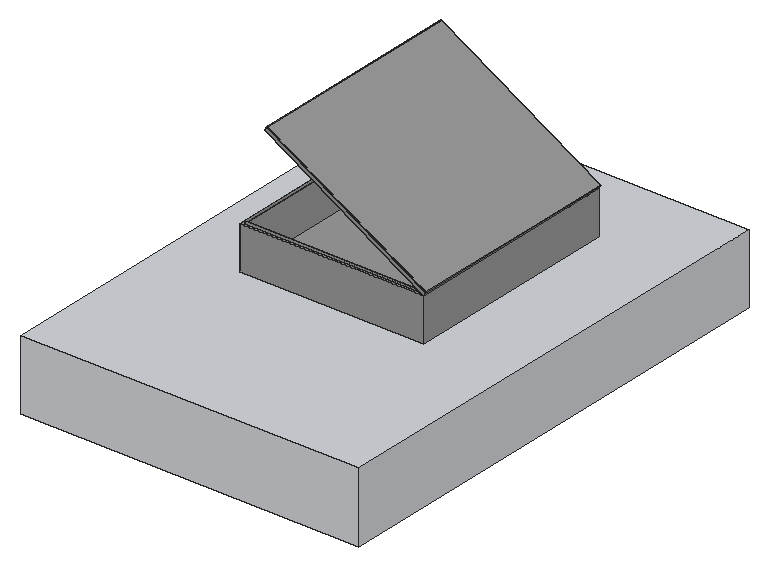
Revit family "Hager-Univers-IP54-D205-H950-Cl.II-Encl-CH-en", category Equipement électrique, Revit 2020
Family settings
  Hôte = Face
  Configuration du panneau = Deux colonnes, circuits au sein
  Cote de connecteur circulaire = Utiliser le diamètre
  Type d'élément = Tableau de raccordement
  Couper avec des vides une fois chargée = Non
  Partagée = Non
  Point de calcul de pièce = Non
Parameters (values of type "Surface mounted (plaster) IP54 W800 H950 D205  - FP63QSW")
  Width Control [instance] = if([EF000008 - Width] > Min Width, [EF000008 - Width], Min Width)  # 800 mm
  Commentaires du type = [HG000003 - Range]  # "Univers"
  Thickness Door [instance] = if([EF009171 - Material plate thickness door/cover] > 3 mm, 3 mm, [EF009171 - Material plate thickness door/cover])  # 1 mm
  Seal Frame Offset [instance] = 17 mm  # constant formula
  Plinth Visibility [instance] = [HG000027 - Plinth height] > 0 mm  # no
  Model = ""
  Min Width [instance] = 100 mm  # constant formula
  Min Height [instance] = 100 mm  # constant formula
  Min Depth [instance] = (2 * [EF009170 - Material plate thickness cabinet]) + 1 mm  # 3 mm
  Internal Frame Depth [instance] = (Door System Depth * 0.5)  # 9 mm
  Height Control [instance] = if([EF000040 - Height] > Min Height, [EF000040 - Height], Min Height)  # 950 mm
  HG000027 - Plinth height = 0 mm
  HG000026 - Floor standing = no
  HG000024 - Bottom section height = 800 mm
  HG000023 - Double section enclosure = no
  HG000016 - Door 3d visibility [instance] = yes
  HG000015 - Clearance visibility [instance] = no
  HG000014 - Door on the right [instance] = yes
  HG000013 - Door on the left [instance] = not([HG000014 - Door on the right])  # no
  HG000012 - Door swing angle [instance] = 30.00°
  HG000010 - Asymmetric doors = no
  HG000009 - Double swing door = no
  HG000006 - Flush mounted = no
  HG000004 - Manufacturer reference = "FP63QSW"
  HG000003 - Range = "Univers"
  HG000002 - With door or cover = yes
  Frame Offset Bottom [instance] = 10 mm  # constant formula
  Frame Offset [instance] = 15 mm  # constant formula
  EF015940 - Cover with overpressure release = no
  EF011959 - Degree of protection (NEMA) = ""
  EF009554 - Number of openings for flange plates = 6
  EF009212 - Cover model = "EV000116 - Closed"
  EF009171 - Material plate thickness door/cover = 1 mm
  EF009170 - Material plate thickness cabinet = 1 mm
  Fabricant = "Hager"  # constant formula
  EF008873 - Nominal current (In) = 250 A
  EF007800 - Suitable for lightning protection = no
  EF006306 - With lock = no
  EF006244 - Transparent cover/door = no
  EF005474 - Degree of protection (IP) = "EV006419 - IP54"
  EF004464 - Type of door = "EV002646 - Single"
  EF004427 - Number of modules = 216
  EF004293 - Impact strength = "EV006815 - IK09"
  EF003532 - Suitable for outdoor use = no
  EF002950 - Width in number of modular spacings = 36
  EF001613 - Circuit integrity = "EV000494 - None"
  EF001596 - Material housing = "EV000179 - Steel"
  EF001131 - Internal depth = 143 mm
  EF001088 - Extension possible = yes
  EF000437 - Number of conduit inlets = 6
  EF000339 - Type of cover = "EV001012 - Cover"
  EF000266 - Number of rows = 6
  EF000218 - Built-in depth = 0 mm
  EF000118 - With mounting plate = no
  EF000116 - RAL-number = "9010"
  EF000049 - Depth = 205 mm
  EF000040 - Height = 950 mm
  EF000008 - Width = 800 mm
  EF000007 - Colour = "EV000202 - White"
  EF000003 - Mounting method = "EV000384 - Surface mounted (plaster)"
  Door System Leaf Tolerance [instance] = 1.5 mm  # constant formula
  Door System Depth [instance] = 18 mm  # constant formula
  Door Height [instance] = Height Control - [HG000027 - Plinth height]  # 950 mm
  Depth Control [instance] = if([EF000049 - Depth] > Min Depth, [EF000049 - Depth], Min Depth)  # 205 mm
  Default Elevation = 0 mm
  Connector Offset [instance] = Height Control / 2  # 475 mm
  Bottom Top Plate Trim [instance] = 1.5 mm  # constant formula
  Plinth height Ctrl [instance] = if([HG000027 - Plinth height] > 0 mm, [HG000027 - Plinth height], 12 mm)  # 12 mm
Types (5, lengths in mm): name | Width Control | HG000010 - Asymmetric doors | HG000009 - Double swing door | HG000004 - Manufacturer reference | EF009554 - Number of openings for flange plates | EF004464 - Type of door | EF004427 - Number of modules | EF002950 - Width in number of modular spacings | EF001131 - Internal depth | EF000437 - Number of conduit inlets | EF000339 - Type of cover | EF000008 - Width
  Surface mounted (plaster) IP54 W1050 H950 D205  - FP64QSW | 1050 | no | no | "FP64QSW" | 8 | "EV003602 - Double" | 288 | 48 | 143 | 8 | "EV001012 - Cover" | 1050
  Surface mounted (plaster) IP54 W1300 H950 D205  - FP65QSW | 1300 | yes | yes | "FP65QSW" | 10 | "EV003602 - Double" | 360 | 60 | 130 | 10 | "EV004216 - Door" | 1300
  Surface mounted (plaster) IP54 W300 H950 D205  - FP61QSW | 300 | no | no | "FP61QSW" | 2 | "EV002646 - Single" | 72 | 12 | 130 | 2 | "EV004216 - Door" | 300
  Surface mounted (plaster) IP54 W550 H950 D205  - FP62QSW | 550 | no | no | "FP62QSW" | 4 | "EV002646 - Single" | 144 | 24 | 130 | 4 | "EV001012 - Cover" | 550
  Surface mounted (plaster) IP54 W800 H950 D205  - FP63QSW | 800 | no | no | "FP63QSW" | 6 | "EV002646 - Single" | 216 | 36 | 143 | 6 | "EV001012 - Cover" | 800
Reference planes
  plane 1 "Center (Front/Back)": y = 0
  plane 2: z = 0
  plane 3 "Center (Left/Right)": x = 0
  plane 4: z = 205
  plane 5: y = 1
  plane 6: y = 475
  plane 7: y = 0
  plane 8: y = 950
  plane 9: z = 0
  plane 10: x = -385
  plane 11: x = 385
  plane 12: x = 384
  plane 13: x = -384
  plane 14: y = 949
  plane 15: x = -383
  plane 16: x = -400
  plane 17: x = 383
  plane 18: x = 400
  plane 19: x = 399
  plane 20: x = -399
  plane 21: y = 11
  plane 22: y = 950
  plane 23: y = 934
  plane 24: z = 187
  plane 25: z = 1
  plane 26: z = 186
  plane 27: z = 204
Forms (mm)
  Extrusion 1, solid
    sketch origin (0, 0, 0) x (1, 0, 0) y (0, 1, 0)
      loop
        line (-702.964, 1305) -> (-702.964, -811.445) -> (766.763, -811.445) -> (766.763, 1305) -> (-702.964, 1305)
    from 0 to -304.8
  Extrusion 2, solid, material "Hager_Steel_RAL7035_Light_Grey", visible <- "Plinth Visibility", detail levels medium+fine
    sketch origin (0, 0, 0) x (1, 0, 0) y (0, 1, 0)
      loop
        line (-400, 0) -> (400, 0) -> (400, 12) -> (-400, 12) -> (-400, 0)
    from 0 to 187
  Extrusion 3, solid, material "Hager_Steel_RAL7035_Light_Grey", detail levels medium+fine
    sketch origin (0, 0, 0) x (1, 0, 0) y (0, 1, 0)
      loop
        line (-400, 0) -> (400, 0) -> (400, 950) -> (-400, 950) -> (-400, 0)
    from 0 to 187
  Extrusion 4, void
    sketch origin (0, 0, 0) x (1, 0, 0) y (0, 1, 0)
      loop
        line (-399, 1) -> (399, 1) -> (399, 949) -> (-399, 949) -> (-399, 1)
    from 1 to 186
  Extrusion 5, void
    sketch origin (-381.607, -4572, 187) x (0, -1, 0) y (-1, 0, 0)
      loop
        line (-4583, 2.393) -> (-5506, 2.393) -> (-5506, -765.607) -> (-4583, -765.607) -> (-4583, 2.393)
    from 0 to 1 <- "EF009170 - Material plate thickness cabinet"
  Extrusion 6, solid, material "Hager_Steel_RAL7035_Light_Grey", detail levels fine
    sketch origin (0, 0, 187) x (1, 0, 0) y (0, 1, 0)
      loop
        line (-384, 934) -> (-384, 11) -> (384, 11) -> (384, 934) -> (-384, 934)
      loop
        line (-385, 10) -> (385, 10) -> (385, 935) -> (-385, 935) -> (-385, 10)
    from 0 to 9 <- "Internal Frame Depth"
  Extrusion 7, solid, material "Hager_Steel_RAL7035_Light_Grey", detail levels coarse
    sketch origin (0, 0, 0) x (1, 0, 0) y (0, 1, 0)
      loop
        line (-400, 0) -> (400, 0) -> (400, 950) -> (-400, 950) -> (-400, 0)
    from 0 to 205
  Sweep 8, void
    path in 3D
      loop
        line (-400, 12, 0) -> (400, 12, 0) -> (400, 12, 187) -> (-400, 12, 187) -> (-400, 12, 0)
    profile origin (-400, 12, 93.5) x (-1, 0, 0) y (0, -1, 0)
      loop
        line (0, 0) -> (0, 1.5) -> (-1.5, 1.5)
        arc (-1.5, 1.5) -> (-1.061, 0.439) -> (0, 0) r 1.5
Cuts and joins
  Extrusion 4, Extrusion 5 cuts Extrusion 3
  Sweep 8 cuts Extrusion 2
Lines and regions (mm)
  Masking region 1
    outline origin (0, 0, 0) x (1, 0, 0) y (0, 0, 1)
      loop
        line (-400, 205) -> (-400, 0) -> (400, 0) -> (400, 205) -> (-400, 205)
  Masking region 2, detail levels medium+fine
    outline origin (0, 140, 0) x (0, 1, 0) y (0, 0, 1)
      loop
        line (-140, 0) -> (810, 0) -> (810, 187) -> (-140, 187) -> (-140, 0)
  Masking region 3, not visible, detail levels medium+fine
    outline origin (0, 297.922, 0) x (0, 1, 0) y (0, 0, 1)
      loop
        line (188.578, 0) -> (228.578, 0) -> (228.578, 194)
        arc (228.578, 194) -> (225.649, 201.071) -> (218.578, 204) r 10
        line (218.578, 204) -> (188.578, 204) -> (188.578, 0)
  Masking region 4, detail levels coarse
    outline origin (0, 0, 180) x (0, 1, 0) y (0, 0, 1)
      loop
        line (0, -180) -> (950, -180) -> (950, 25) -> (0, 25) -> (0, -180)
  Masking region 5, visible <- "Plinth Visibility", detail levels medium+fine
    outline origin (0, 52.24, 12.345) x (0, 0, -1) y (0, 1, 0)
      loop
        line (10.845, -40.24) -> (-173.155, -40.24)
        arc (-173.155, -40.24) -> (-173.594, -41.301) -> (-174.655, -41.74) r 1.5
        line (-174.655, -41.74) -> (-174.655, -52.24) -> (12.345, -52.24) -> (12.345, -41.74)
        arc (12.345, -41.74) -> (11.285, -41.301) -> (10.845, -40.24) r 1.5
  Masking region 6, detail levels medium+fine
    outline origin (-381.607, -4572, 187) x (-1, 0, 0) y (0, -1, 0)
      loop
        line (18.393, -5522) -> (18.393, -4572) -> (-781.607, -4572) -> (-781.607, -5522) -> (18.393, -5522)
  Masking region 7, visible <- "Plinth Visibility", detail levels medium+fine
    outline origin (-381.607, -4727, 187) x (-1, 0, 0) y (0, -1, 0)
      loop
        arc (16.893, -4739) -> (17.332, -4737.939) -> (18.393, -4737.5) r 1.5
        line (18.393, -4737.5) -> (18.393, -4727) -> (-781.607, -4727) -> (-781.607, -4737.5)
        arc (-781.607, -4737.5) -> (-780.546, -4737.939) -> (-780.107, -4739) r 1.5
        line (-780.107, -4739) -> (16.893, -4739)
  Masking region 8, detail levels coarse
    outline origin (-442.548, -4669.526, 187) x (-1, 0, 0) y (0, -1, 0)
      loop
        line (-42.548, -5619.526) -> (-42.548, -4669.526) -> (-842.548, -4669.526) -> (-842.548, -5619.526) -> (-42.548, -5619.526)
  sketch lines
    curve 1: line (-400, 12, 187) -> (-400, 12, 0)
    curve 2: line (400, 12, 187) -> (-400, 12, 187)
    curve 3: line (400, 12, 187) -> (400, 12, 0)
    curve 4: line (-400, 12, 0) -> (400, 12, 0)
Dimensions and locks
  "Depth Control": plane 4 to Extrusion 1
  "HG000027 - Plinth height": plane 1 "Center (Front/Back)" to plane 7
  "EF009170 - Material plate thickness cabinet": plane 5 to plane 7
  locked: connector elem to plane 3 "Center (Left/Right)"
  equal spacing: plane 8, plane 6, plane 7
  locked: connector elem to plane 6
  "EF009170 - Material plate thickness cabinet": plane 8 to plane 14
  "EF009170 - Material plate thickness cabinet": plane 10 to plane 13
  "EF009170 - Material plate thickness cabinet": plane 12 to plane 11
  "Frame Offset": plane 20 to plane 13
  "Frame Offset": plane 12 to plane 19
  "EF009170 - Material plate thickness cabinet": plane 16 to plane 20
  "EF009170 - Material plate thickness cabinet": plane 19 to plane 18
  "Seal Frame Offset": plane 16 to plane 15
  "Seal Frame Offset": plane 17 to plane 18
  "Frame Offset Bottom": plane 21 to plane 5
  "Frame Offset": plane 14 to plane 23
  equal spacing: plane 16, plane 3 "Center (Left/Right)", plane 18
  "Width Control": plane 16 to plane 18
  "EF009170 - Material plate thickness cabinet": plane 4 to plane 27
  "EF009170 - Material plate thickness cabinet": plane 24 to plane 26
  "EF009170 - Material plate thickness cabinet": plane 25 to level
  "Door System Depth": plane 4 to plane 24
  "Height Control": plane 1 "Center (Front/Back)" to Extrusion 7 sketch curve
  "Height Control": Masking region 4 sketch curve to plane 1 "Center (Front/Back)"
  "Height Control": plane 1 "Center (Front/Back)" to plane 22
  "Bottom Top Plate Trim": profile plane to Sweep 8 sketch curve
  "Bottom Top Plate Trim": Sweep 8 sketch curve to profile plane
  "Plinth height Ctrl": plane 1 "Center (Front/Back)" to Extrusion 2 sketch curve
  "Plinth height Ctrl": Masking region 5 sketch curve to plane 1 "Center (Front/Back)"
  "Plinth height Ctrl": plane 1 "Center (Front/Back)" to Masking region 7 sketch curve
  "Thickness Door": Extrusion 6 sketch curve to Extrusion 6 sketch curve  (x3)
  "Thickness Door": cut or joined group of Extrusion 3, Extrusion 4, Extrusion 5 to Extrusion 6 sketch curve
  radius of Masking region 3 sketch curve = 10 mm
  "Bottom Top Plate Trim": radius of Masking region 5 sketch curve  (x2)
  "Bottom Top Plate Trim": radius of Sweep 8 sketch curve
  "Bottom Top Plate Trim": radius of Masking region 7 sketch curve  (x2)
  aligned and locked: plane 2 to Extrusion 1
  aligned and locked: level to Extrusion 1
  aligned and locked: level to Masking region 1 sketch curve
  aligned and locked: Masking region 1 sketch curve to plane 18
  aligned and locked: Masking region 1 sketch curve to plane 16
  aligned and locked: plane 7 to Masking region 2 sketch curve
  aligned and locked: level to Masking region 3 sketch curve
  aligned and locked: Masking region 3 sketch curve to plane 27
  aligned and locked: level to Masking region 2 sketch curve
  aligned and locked: plane 1 "Center (Front/Back)" to Extrusion 2 sketch curve
  aligned and locked: Extrusion 3 sketch curve to plane 7
  aligned and locked: plane 16 to Extrusion 3 sketch curve
  aligned and locked: plane 18 to Extrusion 3 sketch curve
  aligned and locked: plane 20 to Extrusion 4 sketch curve
  aligned and locked: plane 19 to Extrusion 4 sketch curve
  aligned and locked: Extrusion 4 sketch curve to plane 5
  aligned and locked: Extrusion 4 to plane 25
  aligned and locked: plane 26 to Extrusion 4
  aligned and locked: plane 24 to Extrusion 3
  aligned and locked: Extrusion 5 sketch curve to plane 21
  aligned and locked: Extrusion 5 sketch curve to plane 13
  aligned and locked: Extrusion 5 sketch curve to plane 12
  aligned and locked: plane 18 to Extrusion 7 sketch curve
  aligned and locked: plane 1 "Center (Front/Back)" to Extrusion 7 sketch curve
  aligned and locked: plane 16 to Extrusion 7 sketch curve
  aligned and locked: plane 4 to Extrusion 7
  aligned and locked: Extrusion 7 to level
  aligned and locked: level to Masking region 4 sketch curve
  aligned and locked: Masking region 4 sketch curve to plane 1 "Center (Front/Back)"
  aligned and locked: Masking region 4 sketch curve to plane 4
  aligned and locked: nested 1 to level
  aligned and locked: nested 1 to plane 16
  aligned and locked: plane 8 to Extrusion 3 sketch curve
  aligned and locked: plane 23 to Extrusion 5 sketch curve
  aligned and locked: plane 14 to Extrusion 4 sketch curve
  aligned and locked: Masking region 2 sketch curve to plane 8
  aligned and locked: level to Masking region 5 sketch curve
  aligned and locked: plane 16 to Extrusion 2 sketch curve
  aligned and locked: plane 18 to Extrusion 2 sketch curve
  aligned and locked: Masking region 5 sketch curve to plane 24
  aligned and locked: Masking region 2 sketch curve to plane 24
  aligned and locked: plane 24 to Extrusion 2
  aligned and locked: profile plane to Sweep 8 sketch curve  (x2)
  aligned and locked: Masking region 6 sketch curve to plane 18
  aligned and locked: Masking region 6 sketch curve to plane 22
  aligned and locked: Masking region 6 sketch curve to plane 16
  aligned and locked: plane 8 to plane 22
  aligned and locked: Masking region 6 sketch curve to plane 7
  aligned and locked: Masking region 7 sketch curve to plane 16
  aligned and locked: Masking region 7 sketch curve to plane 1 "Center (Front/Back)"
  aligned and locked: Masking region 7 sketch curve to plane 18
  aligned and locked: Masking region 8 sketch curve to plane 1 "Center (Front/Back)"
  aligned and locked: Masking region 8 sketch curve to plane 18
  aligned and locked: Masking region 8 sketch curve to plane 22
  aligned and locked: Masking region 8 sketch curve to plane 16
  aligned and locked: nested 2 to plane 7
  aligned and locked: plane 3 "Center (Left/Right)" to nested 2
  aligned and locked: nested 2 to plane 24
  aligned and locked: Extrusion 6 sketch curve to cut or joined group of Extrusion 3, Extrusion 4, Extrusion 5  (x4)
Automatic sketch dimensions
  Extrusion 1 sketch curve to Extrusion 1 sketch curve = 1469.727 mm
  Extrusion 1 sketch curve to Extrusion 1 sketch curve = 2116.445 mm
  Masking region 1 sketch curve to plane 4 = 0 mm
  plane 6 to Masking region 3 sketch curve = 11.5 mm
  Masking region 3 sketch curve to Masking region 3 sketch curve = 30 mm
  Masking region 5 sketch curve to plane 1 "Center (Front/Back)" = 0 mm
Nested families
  nested 1: "Hager_Enclosure_Symbol" at (-400, 0, 0) x (1, 0, 0) z (0, -1, 0), Height <- "Depth Control", Width <- "Width Control", type "Hager_Enclosure_Symbol"
    with Width_Ctrl 800 mm, Width 800 mm, Height_Ctrl 205 mm, Height 205 mm, A_Width_Int 13.453 mm, A_Width 161.438 mm, A_Height_Ctrl 179.375 mm, A_Height 179.375 mm
  nested 2: "EC000058_Univers_Door" at (0, 0, 187) x (1, 0, 0) z (0, 1, 0), Leaf_Tolerance <- "Door System Leaf Tolerance", Angle <- "HG000012 - Door swing angle", Door_Depth <- "Door System Depth", Door_Left <- "HG000013 - Door on the left", Transparent <- "EF006244 - Transparent cover/door", Assymetrical <- "HG000010 - Asymmetric doors", Width <- "Width Control", Clearance <- "HG000015 - Clearance visibility", Double <- "HG000009 - Double swing door", 3d_Door <- "HG000016 - Door 3d visibility", Lock_Visibility <- "EF006306 - With lock", Width_Ctrl <- "Width Control", Door_Right <- "HG000014 - Door on the right", Door <- "HG000002 - With door or cover", Height <- "Door Height", Thickness <- "Thickness Door", type "EC000058_Univers_Door", detail levels medium+fine
    with min_wh 3 mm, Width_Ctrl 800 mm, Width 800 mm, Transparent no, Thickness 1 mm, Seal_Material Hager_Rubber, Lock_Visibility no, Lock_Material Hager_Plastic_RAL9005_Jet_Black, Leaf_Width 800 mm, Leaf_Tolerance_External_Sides 0 mm, Leaf_Tolerance 1.5 mm, Leaf_Offset 0 mm, Leaf_Height 947 mm, Leaf_2_Width 800 mm, Leaf_2_Offset 400 mm, Leaf_1_Width 800 mm, Leaf_1_Offset 400 mm, Height_Ctrl 950 mm, Height 950 mm, Glass_Material Hager_Glass, Double_Clearance_Ctrl no, Double no, Door_Right_Ctrl yes, Door_Right yes, Door_Material Hager_Steel_RAL7035_Light_Grey, Door_Left_Ctrl no, Door_Left no, Door_Depth 18 mm, Door yes, Clearance_Material Hager_Clearance, Clearance_Depth 800 mm, Clearance_Ctrl no, Clearance no, Assymetrical no, Angle 30.00°, 3d_Door yes
Connectors
  electrical at (0, 475, 0)
    settings: on plane 9, index 1, voltage 0 V, apparent load 0 VA, apparent load phase1 0 VA, apparent load phase2 0 VA, apparent load phase3 0 VA, power factor 1, load classification "Other", number of poles 1, system type 30, power factor state 1, is connector primary yes, connector utility no, sub classification motor no, connector description ""
Definition of nested family "EC000058_Univers_Door"
  Parameters (values of type "EC000058_Univers_Door")
    min_wh [instance] = (2 * Thickness) + 1 mm  # 11 mm
    Width_Ctrl [instance] = 400 mm
    Width [instance] = 500 mm
    Transparent [instance] = yes
    Thickness [instance] = 5 mm
    Seal_Material [instance] = none
    Lock_Visibility [instance] = yes
    Lock_Material [instance] = none
    Leaf_Width [instance] = if((Width_Ctrl - 2 * Leaf_Tolerance_External_Sides) > 0 mm, (Width_Ctrl - 2 * Leaf_Tolerance_External_Sides), min_wh)  # 400 mm
    Leaf_Tolerance_External_Sides [instance] = 0 mm  # constant formula
    Leaf_Tolerance [instance] = 1.5 mm
    Leaf_Offset [instance] = 0 mm  # constant formula
    Leaf_Height [instance] = if((Height_Ctrl - 2 * Leaf_Tolerance) > 0 mm, (Height_Ctrl - 2 * Leaf_Tolerance), min_wh)  # 497 mm
    Leaf_2_Width [instance] = if(and(and(Double, Assymetrical), Door_Left), (Leaf_Width / 3) - (Leaf_Tolerance / 2), if(and(and(Double, Assymetrical), Door_Right), (Leaf_Width / 3) * 2 - (Leaf_Tolerance / 2), if(and(Double, not(Assymetrical)), (Leaf_Width / 2) - Leaf_Tolerance, Leaf_Width)))  # 400 mm
    Leaf_2_Offset [instance] = if(and(Double, Assymetrical), Leaf_2_Width / 2, if(and(Double, not(Assymetrical)), Leaf_Width / 4, Leaf_Width / 2))  # 200 mm
    Leaf_1_Width [instance] = if(and(and(Double, Assymetrical), Door_Right), (Leaf_Width / 3) - (Leaf_Tolerance / 2), if(and(and(Double, Assymetrical), Door_Left), (Width / 3) * 2 - (Leaf_Tolerance / 2), if(and(Double, not(Assymetrical)), (Leaf_Width / 2) - Leaf_Tolerance, Leaf_Width)))  # 400 mm
    Leaf_1_Offset [instance] = if(and(Double, Assymetrical), Leaf_1_Width / 2, if(and(Double, not(Assymetrical)), Leaf_Width / 4, Leaf_Width / 2))  # 200 mm
    Height_Ctrl [instance] = if(Height > min_wh, Height, min_wh)  # 500 mm
    Height [instance] = 500 mm
    Glass_Material [instance] = none
    Double_Clearance_Ctrl [instance] = and(Double, Clearance)  # no
    Double [instance] = no
    Door_Right_Ctrl [instance] = and(or(Door_Right, Double), Door)  # yes
    Door_Right [instance] = yes
    Door_Material [instance] = none
    Door_Left_Ctrl [instance] = and(or(Door_Left, Double), Door)  # no
    Door_Left [instance] = no
    Door_Depth [instance] = 30 mm
    Door [instance] = yes
    Default Elevation = 1219.2 mm
    Clearance_Material [instance] = none
    Clearance_Depth [instance] = if(Leaf_1_Width > Leaf_2_Width, Leaf_1_Width, Leaf_2_Width)  # 400 mm
    Clearance_Ctrl [instance] = and(not(Double), Clearance)  # yes
    Clearance [instance] = yes
    Assymetrical [instance] = yes
    Angle [instance] = 30.00°
    3d_Door [instance] = yes
  Reference planes
    plane 1 "Center (Front/Back)": y = 0
    plane 2 "Bottom": z = 0
    plane 3 "Center (Left/Right)": x = 0
    plane 4: z = 500
    plane 5: x = -200
    plane 6: x = 200
    plane 7: z = 500
    plane 8: x = -200
    plane 9: z = 0
    plane 10: x = 200
    plane 11: y = 0
    plane 12: z = 1.5
    plane 13: x = -600
    plane 14: y = -400
    plane 15: x = 600
    plane 16: x = 0
    plane 17: x = 0
    plane 18: x = -200
    plane 19: x = 200
    plane 20: z = 498.5
  Forms (mm)
    Extrusion 1, solid, material <- "Clearance_Material", visible <- "Double_Clearance_Ctrl"
      sketch origin (1200, 0, 0) x (1, 0, 0) y (0, 0, -1)
        loop
          line (-1800, -498.5) -> (-600, -498.5) -> (-600, 0) -> (-1800, 0) -> (-1800, -498.5)
      from 0 to -400
  Dimensions and locks
    equal spacing: plane 5, plane 3 "Center (Left/Right)", plane 6
    "Width_Ctrl": plane 5 to plane 6
    "Leaf_Offset": plane 5 to plane 8
    "Leaf_Offset": plane 6 to plane 10
    "Leaf_Offset": plane 9 to level
    "Leaf_Offset": plane 4 to plane 7
    "Height_Ctrl": plane 4 to level
    "Leaf_Tolerance": plane 12 to plane 9
    locked: plane 11 to plane 1 "Center (Front/Back)"
    "Leaf_1_Offset": plane 18 to plane 16
    "Leaf_2_Offset": plane 17 to plane 19
    "Leaf_1_Width": plane 13 to plane 8
    "Leaf_2_Width": plane 10 to plane 15
    "Clearance_Depth": plane 14 to plane 1 "Center (Front/Back)"
    "Leaf_Tolerance_External_Sides": plane 8 to plane 18
    "Leaf_Tolerance_External_Sides": plane 19 to plane 10
    "Leaf_Tolerance": plane 7 to plane 20
    aligned and locked: level to plane 2 "Bottom"
    aligned and locked: nested 1 to plane 16
    aligned and locked: nested 2 to plane 17
    aligned and locked: Extrusion 1 to plane 13
    aligned and locked: plane 15 to Extrusion 1
    aligned and locked: Extrusion 1 to plane 14
    aligned and locked: plane 12 to nested 1
    aligned and locked: nested 2 to plane 12
    aligned and locked: Extrusion 1 to plane 11
    aligned and locked: plane 20 to Extrusion 1
    aligned and locked: nested 2 to plane 11
    aligned and locked: nested 1 to plane 11
  Automatic sketch dimensions
    Extrusion 1 sketch curve to level = 0 mm
    plane 5 to Extrusion 1 sketch curve = 400 mm
    plane 6 to Extrusion 1 sketch curve = 400 mm
    Extrusion 1 sketch curve to plane 4 = 1.5 mm
  Nested families
    nested 1: "EC000058_Univers_Door_Leaf" at (0, 0, 1.5), Width <- "Leaf_1_Width", visible <- "Door_Left_Ctrl", Leaf_Height <- "Leaf_Height", Angle <- "Angle", 3d_Door <- "3d_Door", Transparent <- "Transparent", Clearance Material <- "Clearance_Material", Clearance <- "Clearance_Ctrl", Door_Material <- "Door_Material", Glass_Material <- "Glass_Material", Door_Depth <- "Door_Depth", Lock_Material <- "Lock_Material", Seal_Material <- "Seal_Material", Lock_Visibility <- "Lock_Visibility", Thickness <- "Thickness", type "EC000058_Univers_Door_Leaf"
      with Width 400 mm, Transparent_Glass_Offset 30 mm, Transparent_Ctrl yes, Transparent yes, Thickness 5 mm, Standard no, Seal_Material none, Seal_D2 8 mm, Seal_D1 1 mm, Offset_Internal_Frame 10 mm, Lock_Width 20 mm, Lock_Visibility_3d yes, Lock_Visibility yes, Lock_Thickness_3 3 mm, Lock_Thickness_2 1 mm, Lock_Thickness_1 3 mm, Lock_Radius_Offset_2 16 mm, Lock_Radius_Offset_1 15 mm, Lock_Radius_2 5 mm, Lock_Radius 6 mm, Lock_Offset 5 mm, Lock_Material none, Lock_Height 80 mm, Lock_Cover_Top_Offset_2d 17 mm, Lock_Cover_Height -65 mm, Leaf_Height 497 mm, Internal_Seal_Thickness 8 mm, Internal_Seal_Depth_2 4.5 mm, Internal_Frame_Depth 25 mm, Glass_Thickness -1 mm, Glass_Offset -2 mm, Glass_Material none, Door_Material none, Door_Depth 30 mm, Clearance Material none, Clearance yes, Angle_Ctrl 30.00°, Angle 30.00°, 3d_Door yes
    nested 2: "EC000058_Univers_Door_Leaf" at (0, 0, 1.5) x (-1, 0, 0) z (0, 0, 1), Width <- "Leaf_2_Width", visible <- "Door_Right_Ctrl", Leaf_Height <- "Leaf_Height", Angle <- "Angle", 3d_Door <- "3d_Door", Transparent <- "Transparent", Clearance Material <- "Clearance_Material", Clearance <- "Clearance_Ctrl", Door_Material <- "Door_Material", Glass_Material <- "Glass_Material", Door_Depth <- "Door_Depth", Lock_Material <- "Lock_Material", Seal_Material <- "Seal_Material", Lock_Visibility <- "Lock_Visibility", Thickness <- "Thickness", type "EC000058_Univers_Door_Leaf"
      with Width 400 mm, Transparent_Glass_Offset 30 mm, Transparent_Ctrl yes, Transparent yes, Thickness 5 mm, Standard no, Seal_Material none, Seal_D2 8 mm, Seal_D1 1 mm, Offset_Internal_Frame 10 mm, Lock_Width 20 mm, Lock_Visibility_3d yes, Lock_Visibility yes, Lock_Thickness_3 3 mm, Lock_Thickness_2 1 mm, Lock_Thickness_1 3 mm, Lock_Radius_Offset_2 16 mm, Lock_Radius_Offset_1 15 mm, Lock_Radius_2 5 mm, Lock_Radius 6 mm, Lock_Offset 5 mm, Lock_Material none, Lock_Height 80 mm, Lock_Cover_Top_Offset_2d 17 mm, Lock_Cover_Height -65 mm, Leaf_Height 497 mm, Internal_Seal_Thickness 8 mm, Internal_Seal_Depth_2 4.5 mm, Internal_Frame_Depth 25 mm, Glass_Thickness -1 mm, Glass_Offset -2 mm, Glass_Material none, Door_Material none, Door_Depth 30 mm, Clearance Material none, Clearance yes, Angle_Ctrl 30.00°, Angle 30.00°, 3d_Door yes
  Definition of nested family "EC000058_Univers_Door_Leaf"
    Parameters (values of type "EC000058_Univers_Door_Leaf")
      Width [instance] = 2000 mm
      Transparent_Glass_Offset [instance] = 30 mm
      Transparent_Ctrl [instance] = and(Transparent, [3d_Door])  # yes
      Transparent [instance] = yes
      Thickness [instance] = 5 mm
      Standard [instance] = and(not(Transparent), [3d_Door])  # no
      Seal_Material [instance] = none
      Seal_D2 [instance] = 8 mm  # constant formula
      Seal_D1 [instance] = 1 mm  # constant formula
      Offset_Internal_Frame [instance] = 10 mm  # constant formula
      Lock_Width [instance] = 20 mm  # constant formula
      Lock_Visibility_3d [instance] = and(Lock_Visibility, [3d_Door])  # yes
      Lock_Visibility [instance] = yes
      Lock_Thickness_3 [instance] = 3 mm  # constant formula
      Lock_Thickness_2 [instance] = 1 mm  # constant formula
      Lock_Thickness_1 [instance] = 3 mm  # constant formula
      Lock_Radius_Offset_2 [instance] = Lock_Radius_Offset_1 + 1 mm  # 16 mm
      Lock_Radius_Offset_1 [instance] = 15 mm  # constant formula
      Lock_Radius_2 [instance] = Lock_Radius - 1 mm  # 5 mm
      Lock_Radius [instance] = 6 mm  # constant formula
      Lock_Offset [instance] = 5 mm  # constant formula
      Lock_Material [instance] = none
      Lock_Height [instance] = 80 mm  # constant formula
      Lock_Cover_Top_Offset_2d [instance] = Lock_Radius_Offset_2 + 1 mm  # 17 mm
      Lock_Cover_Height [instance] = -(Lock_Height - Lock_Radius_Offset_1)  # -65 mm
      Leaf_Height [instance] = 2720.336 mm
      Internal_Seal_Thickness [instance] = 8 mm  # constant formula
      Internal_Seal_Depth_2 [instance] = 4.5 mm  # constant formula
      Internal_Frame_Depth [instance] = if(Door_Depth - Thickness > 5 mm, Door_Depth - Thickness, 5 mm)  # 25 mm
      Glass_Thickness [instance] = if(Thickness > 15 mm, Glass_Offset + 10 mm, -1 mm)  # -1 mm
      Glass_Offset [instance] = if(Thickness > 15 mm, -(Thickness + 10 mm) / 2, -2 mm)  # -2 mm
      Glass_Material [instance] = none
      Door_Material [instance] = none
      Door_Depth [instance] = 30 mm
      Default Elevation = 0 mm
      Clearance Material [instance] = none
      Clearance [instance] = yes
      Angle_Ctrl [instance] = if(Angle > 180.00°, 180.00°, Angle)  # 90.00°
      Angle [instance] = 90.00°
      3d_Door [instance] = yes
    Reference planes
      plane 1 "Center (Front/Back)": y = 0
      plane 2: z = 0
      plane 3 "Center (Left/Right)": x = 0
      plane 4: y = 2000
      plane 5: x = -1000
      plane 6: x = 1000
      plane 7: x = -3000
      plane 8: z = 2720.336
      plane 9: z = 30
      plane 10: z = 2690.336
      plane 11: x = 970
      plane 12: x = -970
      plane 13: y = -3
      plane 14: z = 107.833
      plane 15: y = -5
      plane 16: y = -223.314
      plane 17: x = -1000
      plane 18: z = 1360.168
      plane 19: y = 30
    Forms (mm)
      Extrusion 1, solid, material <- "Clearance Material", visible <- "Clearance"
        sketch origin (0, 0, 0) x (1, 0, 0) y (0, 0, 1)
          loop
            line (-3000, 2720.336) -> (-3000, 0) -> (1000, 0) -> (1000, 2720.336) -> (-3000, 2720.336)
        from 0 to -2000
      Extrusion 2, solid, material <- "Door_Material", visible <- "Standard", detail levels medium+fine
        sketch origin (-1000, 0, 0) x (0, 1, 0) y (-1, 0, 0)
          loop
            line (0, 30) -> (0, 25) -> (2000, 25) -> (2000, 30) -> (0, 30)
        from 0 to 2720.336 <- "Leaf_Height"
      Extrusion 3, solid, material <- "Door_Material", visible <- "Transparent_Ctrl", detail levels medium+fine
        sketch origin (-1000, 0, 0) x (0, 1, 0) y (-1, 0, 0)
          loop
            line (0, 25) -> (2000, 25) -> (2000, 30) -> (0, 30) -> (0, 25)
        from 0 to 2720.336 <- "Leaf_Height"
      Extrusion 4, void
        sketch origin (-1025, 2000, 0) x (0, 1, 0) y (0, 0, -1)
          loop
            line (-30, -2690.336) -> (-30, -30) -> (-1970, -30) -> (-1970, -2690.336) -> (-30, -2690.336)
        from 0 to 5 <- "Thickness"
      Sweep 5, solid, material <- "Seal_Material", visible <- "Transparent_Ctrl", detail levels fine
        path in 3D
          loop
            line (-1025, 30, 30) -> (-1025, 30, 2690.336) -> (-1025, 1970, 2690.336) -> (-1025, 1970, 30) -> (-1025, 30, 30)
        profile origin (-1025, 1000, 30) x (1, 0, 0) y (0, 0, 1)
          loop
            line (0, 0) -> (0, -8) -> (1, -8) -> (1, 0) -> (0, 0)
      Extrusion 6, solid, material <- "Glass_Material", visible <- "Transparent_Ctrl", detail levels medium+fine
        sketch origin (-1030, 0, 0) x (0, 1, 0) y (0, 0, -1)
          loop
            line (1970, -2690.336) -> (1970, -30) -> (30, -30) -> (30, -2690.336) -> (1970, -2690.336)
        from -2 <- "Glass_Offset" to -1 <- "Glass_Thickness"
      Extrusion 7, solid, material <- "Door_Material", visible <- "3d_Door", detail levels medium+fine
        sketch origin (-1025, 2000, 0) x (0, -1, 0) y (0, 0, -1)
          loop
            line (0, -2720.336) -> (2000, -2720.336) -> (2000, 0) -> (0, 0) -> (0, -2720.336)
          loop
            line (1995, -5) -> (5, -5) -> (5, -2715.336) -> (1995, -2715.336) -> (1995, -5)
        from 0 to 25 <- "Internal_Frame_Depth"
      Sweep 8, solid, material <- "Seal_Material", visible <- "Transparent_Ctrl", detail levels fine
        path in 3D
          loop
            line (-1025, 0, 0) -> (-1025, 2000, 0) -> (-1025, 2000, 2720.336) -> (-1025, 0, 2720.336) -> (-1025, 0, 0)
        profile origin (-1025, 0, 1360.168) x (1, 0, 0) y (0, 1, 0)
          loop
            line (0, 10) -> (2.975, 10)
            arc (2.975, 10) -> (4.053, 10.447) -> (4.5, 11.525) r 1.525
            line (4.5, 11.525) -> (4.5, 16.527)
            arc (4.5, 16.527) -> (4.069, 17.569) -> (3.027, 18) r 1.473
            line (3.027, 18) -> (0, 18) -> (0, 10)
      Extrusion 9, solid, material <- "Lock_Material", visible <- "Lock_Visibility_3d", detail levels fine
        sketch origin (-1030, 0, 0) x (0, 1, 0) y (0, 0, -1)
          loop
            arc (1993.5, -1400.168) -> (1994.561, -1399.729) -> (1995, -1398.668) r 1.5
            line (1995, -1398.668) -> (1995, -1320.168) -> (1975, -1320.168) -> (1975, -1398.668)
            arc (1975, -1398.668) -> (1975.439, -1399.729) -> (1976.5, -1400.168) r 1.5
            line (1976.5, -1400.168) -> (1993.5, -1400.168)
        from 3 <- "Lock_Thickness_1" to 0
      Blend 10, solid, material <- "Lock_Material", visible <- "Lock_Visibility_3d", detail levels fine
        base sketch origin (-1033, 0, 0) x (0, 1, 0) y (0, 0, -1)
          loop
            line (1975, -1320.168) -> (1975, -1398.668)
            arc (1975, -1398.668) -> (1975.439, -1399.729) -> (1976.5, -1400.168) r 1.5
            line (1976.5, -1400.168) -> (1993.5, -1400.168)
            arc (1993.5, -1400.168) -> (1994.561, -1399.729) -> (1995, -1398.668) r 1.5
            line (1995, -1398.668) -> (1995, -1320.168) -> (1975, -1320.168)
        top sketch origin (-1033, 0, 0) x (0, 1, 0) y (0, 0, -1)
          loop
            line (1976, -1320.168) -> (1976, -1398.668)
            arc (1976, -1398.668) -> (1976.146, -1399.022) -> (1976.5, -1399.168) r 0.5
            line (1976.5, -1399.168) -> (1993.5, -1399.168)
            arc (1993.5, -1399.168) -> (1993.854, -1399.022) -> (1994, -1398.668) r 0.5
            line (1994, -1398.668) -> (1994, -1320.168) -> (1976, -1320.168)
        from 0 to 1 <- "Lock_Thickness_2"
      Blend 11, solid, material <- "Lock_Material", visible <- "Lock_Visibility_3d", detail levels fine
        base sketch origin (-1034, 0, 0) x (0, 1, 0) y (0, 0, -1)
          loop
            line (1978, -1320.168) -> (1978, -1384.168)
            arc (1978, -1384.168) -> (1985, -1391.168) -> (1992, -1384.168) r 7
            line (1992, -1384.168) -> (1992, -1320.168) -> (1978, -1320.168)
        top sketch origin (-1034, 0, 0) x (0, 1, 0) y (0, 0, -1)
          loop
            line (1991, -1320.168) -> (1979, -1320.168) -> (1979, -1383.168)
            arc (1979, -1383.168) -> (1985, -1389.168) -> (1991, -1383.168) r 6
            line (1991, -1383.168) -> (1991, -1320.168)
        from 0 to 3 <- "Lock_Thickness_3"
      Extrusion 12, solid, material <- "Lock_Material", visible <- "Lock_Visibility_3d", detail levels fine
        sketch origin (-1030, 1975, 1320.168) x (1, 0, 0) y (0, -1, 0)
          loop
            line (-7, -19) -> (-7, -1) -> (0, -1) -> (0, 0) -> (-8, 0) -> (-8, -20) -> (0, -20) -> (0, -19) -> (-7, -19)
        from 0 to -65 <- "Lock_Cover_Height"
      Extrusion 13, void
        sketch origin (-1038, 1995, 1320.168) x (-1, 0, 0) y (0, 0, -1)
          loop
            line (-5, -65) -> (0, -65) -> (-5, -60) -> (-5, -65)
        from 0 to 20 <- "Lock_Width"
      Extrusion 14, void
        sketch origin (-1038, 1975, 1320.168) x (0, -1, 0) y (0, 0, -1)
          loop
            circle (-10, -15.995) r 6
          loop
            circle (-10, -15.995) r 5
        from 0 to 2
      Extrusion 15, solid, material <- "Lock_Material", visible <- "Lock_Visibility_3d", detail levels medium
        sketch origin (-1030, 0, 0) x (0, 1, 0) y (0, 0, -1)
          loop
            arc (1993.5, -1400.168) -> (1994.561, -1399.729) -> (1995, -1398.668) r 1.5
            line (1995, -1398.668) -> (1995, -1320.168) -> (1975, -1320.168) -> (1975, -1398.668)
            arc (1975, -1398.668) -> (1975.439, -1399.729) -> (1976.5, -1400.168) r 1.5
            line (1976.5, -1400.168) -> (1993.5, -1400.168)
        from 8 to 0
    Cuts and joins
      Extrusion 4 cuts Extrusion 3
      Extrusion 13, Extrusion 14 cuts Extrusion 9
      Extrusion 14 cuts Blend 11
      Extrusion 13, Extrusion 14 cuts Extrusion 12
      joined: Extrusion 9, Blend 10, Blend 11, Extrusion 12
      Extrusion 14 cuts Extrusion 15
    Lines and regions (mm)
      Masking region 1, visible <- "Lock_Visibility", detail levels fine
        outline origin (0, 0, 0) x (0, 1, 0) y (0, 0, 1)
          loop
            line (30, 1320.168) -> (33, 1320.168) -> (33, 1400.168) -> (30, 1400.168) -> (30, 1320.168)
      Masking region 2, visible <- "Lock_Visibility", detail levels fine
        outline origin (0, 3.143, 0) x (0, 1, 0) y (0, 0, 1)
          loop
            line (29.857, 1354.168) -> (30.857, 1354.168) -> (30.857, 1366.168) -> (29.857, 1366.168) -> (29.857, 1354.168)
      Masking region 3, detail levels medium+fine
        outline origin (0, 0, 0) x (0, 1, 0) y (0, 0, 1)
          loop
            line (0, 0) -> (30, 0) -> (30, 2720.336) -> (0, 2720.336) -> (0, 0)
      Masking region 4, detail levels medium+fine
        outline origin (0, 0, 0) x (1, 0, 0) y (0, 0, 1)
          loop
            line (-1000, 2720.336) -> (-1000, 0) -> (1000, 0) -> (1000, 2720.336) -> (-1000, 2720.336)
      Masking region 5, visible <- "Lock_Visibility", detail levels fine
        outline origin (-47.116, 0, 0) x (1, 0, 0) y (0, 0, 1)
          loop
            arc (1024.616, 1399.168) -> (1023.556, 1398.729) -> (1023.116, 1397.668) r 1.5
            line (1023.116, 1397.668) -> (1023.116, 1320.168) -> (1041.116, 1320.168) -> (1041.116, 1397.668)
            arc (1041.116, 1397.668) -> (1040.677, 1398.729) -> (1039.616, 1399.168) r 1.5
            line (1039.616, 1399.168) -> (1024.616, 1399.168)
      Masking region 6, visible <- "Lock_Visibility", detail levels medium+fine
        outline origin (-25, 0, 0) x (1, 0, 0) y (0, 0, 1)
          loop
            arc (1001.5, 1400.168) -> (1000.439, 1399.729) -> (1000, 1398.668) r 1.5
            line (1000, 1398.668) -> (1000, 1320.168) -> (1020, 1320.168) -> (1020, 1398.668)
            arc (1020, 1398.668) -> (1019.561, 1399.729) -> (1018.5, 1400.168) r 1.5
            line (1018.5, 1400.168) -> (1001.5, 1400.168)
      Masking region 7, visible <- "Lock_Visibility", detail levels fine
        outline origin (-73.735, 0, 0) x (1, 0, 0) y (0, 0, 1)
          loop
            line (1051.735, 1382.168) -> (1065.735, 1382.168) -> (1065.735, 1384.168)
            arc (1065.735, 1384.168) -> (1058.735, 1391.168) -> (1051.735, 1384.168) r 7
            line (1051.735, 1384.168) -> (1051.735, 1382.168)
      Masking region 8, visible <- "Lock_Visibility", detail levels fine
        outline origin (-73.735, 0, 0) x (1, 0, 0) y (0, 0, 1)
          loop
            line (1052.735, 1382.168) -> (1064.735, 1382.168) -> (1064.735, 1383.168)
            arc (1064.735, 1383.168) -> (1058.735, 1389.168) -> (1052.735, 1383.168) r 6
            line (1052.735, 1383.168) -> (1052.735, 1382.168)
      Masking region 9, visible <- "Lock_Visibility", detail levels fine
        outline origin (-25, 0, 0) x (1, 0, 0) y (0, 0, 1)
          loop
            line (1020, 1320.168) -> (1020, 1382.168) -> (1000, 1382.168) -> (1000, 1320.168) -> (1020, 1320.168)
      Masking region 10, detail levels medium+fine
        outline origin (0, 0, 0) x (1, 0, 0) y (0, 0, 1)
          loop
            circle (985, 1335.144) r 6
      Masking region 11, detail levels fine
        outline origin (0, 0, 0) x (1, 0, 0) y (0, 0, 1)
          loop
            circle (985, 1335.144) r 5
      Masking region 12, visible <- "Lock_Visibility", detail levels fine
        outline origin (0, 12.767, 0) x (0, 1, 0) y (0, 0, 1)
          loop
            line (20.233, 1320.168) -> (21.233, 1320.168) -> (21.233, 1399.168) -> (20.233, 1400.168) -> (20.233, 1320.168)
      Masking region 13, visible <- "Lock_Visibility", detail levels fine
        outline origin (0, 13.767, -10) x (0, 1, 0) y (0, 0, 1)
          loop
            line (20.233, 1330.168) -> (23.233, 1330.168) -> (23.233, 1399.168) -> (20.233, 1402.168) -> (20.233, 1330.168)
      Masking region 14, visible <- "Lock_Visibility", detail levels fine
        outline origin (0, 12.767, -10) x (0, 1, 0) y (0, 0, 1)
          loop
            line (20.233, 1330.168) -> (25.233, 1330.168) -> (25.233, 1399.305) -> (20.233, 1394.305) -> (20.233, 1330.168)
      Masking region 15, visible <- "Lock_Visibility", detail levels medium
        outline origin (0, 0, 0) x (0, 1, 0) y (0, 0, 1)
          loop
            line (30, 1320.168) -> (38, 1320.168) -> (38, 1400.168) -> (30, 1400.168) -> (30, 1320.168)
      Masking region 16, visible <- "Lock_Visibility", detail levels fine
        outline origin (-1000, 0, 0) x (0, 1, 0) y (-1, 0, 0)
          loop
            line (1975, 30) -> (1995, 30) -> (1995, 38) -> (1975, 38) -> (1975, 30)
          loop
            line (1979, 37) -> (1976, 37) -> (1976, 34) -> (1978, 34) -> (1979, 37)
          loop
            line (1994, 37) -> (1991, 37) -> (1992, 34) -> (1994, 34) -> (1994, 37)
      Masking region 17, visible <- "Lock_Visibility", detail levels medium
        outline origin (-1000, 0, 0) x (0, 1, 0) y (-1, 0, 0)
          loop
            line (1975, 30) -> (1995, 30) -> (1995, 38) -> (1975, 38) -> (1975, 30)
      symbolic lines
        curve 1: line (1000, 0, 0) -> (-3000, 0, 0)
        curve 2: arc (1000, 0, 0) -> (-1000, 2000, 0) -> (-3000, 0, 0) r 2000
        curve 4: line (-1030, 0, 0) -> (-1030, 2000, 0)
      reference lines
        curve 3: line (-1000, 0, 0) -> (-1000, 2000, 0)
      symbolic lines, detail levels medium+fine
        curve 5: line (-1030, 2000, 0) -> (-1025, 2000, 0)
        curve 7: line (-1025, 0, 0) -> (-1030, 0, 0)
        curve 8: line (-1025, 0, 0) -> (-1000, 0, 0)
        curve 9: line (-1000, 0, 0) -> (-1000, 2000, 0)
        curve 10: line (-1000, 2000, 0) -> (-1025, 2000, 0)
      symbolic lines, detail levels fine
        curve 6: line (-1025, 2000, 0) -> (-1025, 0, 0)
      sketch lines
        curve 11: line (-1025, 0, 2720.336) -> (-1025, 0, 0)
        curve 12: line (-1025, 2000, 0) -> (-1025, 0, 0)
        curve 13: line (-1025, 2000, 2720.336) -> (-1025, 2000, 0)
        curve 14: line (-1025, 0, 2720.336) -> (-1025, 2000, 2720.336)
        curve 15: line (-1025, 1970, 30) -> (-1025, 30, 30)
        curve 16: line (-1025, 30, 30) -> (-1025, 30, 2690.336)
        curve 17: line (-1025, 1970, 2690.336) -> (-1025, 1970, 30)
        curve 18: line (-1025, 30, 2690.336) -> (-1025, 1970, 2690.336)
      symbolic lines, visible <- "Transparent", detail levels medium+fine
        curve 19: line (-970, 0, 2690.336) -> (970, 0, 2690.336)
        curve 20: line (-970, 0, 30) -> (-970, 0, 2690.336)
        curve 21: line (970, 0, 30) -> (-970, 0, 30)
        curve 22: line (970, 0, 2690.336) -> (970, 0, 30)
    Dimensions and locks
      "Width": plane 1 "Center (Front/Back)" to plane 4
      equal spacing: plane 5, plane 3 "Center (Left/Right)", plane 6
      "Width": plane 5 to plane 6
      "Width": plane 7 to plane 5
      "Leaf_Height": plane 8 to level
      "Width": curve 5 to curve 3
      "Width": curve 3 to curve 3
      plane 8 to plane 10 = 30 mm
      plane 9 to level = 30 mm
      plane 12 to plane 5 = 30 mm
      plane 6 to plane 11 = 30 mm
      Extrusion 1 to Extrusion 4 sketch curve = 30 mm
      "Transparent_Glass_Offset": curve 3 to Extrusion 4 sketch curve
      "Transparent_Glass_Offset": Extrusion 4 sketch curve to cut or joined group of Extrusion 3, Extrusion 4  (x2)
      cut or joined group of Extrusion 3, Extrusion 4 to Extrusion 6 sketch curve = 30 mm
      "Transparent_Glass_Offset": cut or joined group of Extrusion 3, Extrusion 4 to Extrusion 4 sketch curve
      "Thickness": curve 6 to curve 4
      "Thickness": Extrusion 7 sketch curve to Extrusion 7 sketch curve  (x4)
      "Door_Depth": curve 4 to curve 3
      "Offset_Internal_Frame": profile plane to Sweep 8 sketch curve
      "Internal_Seal_Thickness": Sweep 8 sketch curve to Sweep 8 sketch curve
      "Internal_Seal_Depth_2": profile plane to Sweep 8 sketch curve
      "Seal_D1": profile plane to Sweep 5 sketch curve
      "Seal_D2": profile plane to Sweep 5 sketch curve
      "Thickness": Extrusion 2 sketch curve to Extrusion 2 sketch curve
      equal spacing: Extrusion 9 sketch curve, plane 18, Extrusion 9 sketch curve  (x2)
      equal spacing: Masking region 1 sketch curve, plane 18, Masking region 1 sketch curve
      "Lock_Height": Masking region 1 sketch curve to Masking region 1 sketch curve
      "Lock_Radius": Masking region 2 sketch curve to plane 18 to Masking region 2 sketch curve
      Masking region 2 sketch curve to Masking region 1 = 1 mm
      "Door_Depth": plane 19 to plane 1 "Center (Front/Back)"
      "Lock_Thickness_1": Masking region 1 sketch curve to plane 19
      "Lock_Width": Extrusion 9 sketch curve to Extrusion 9 sketch curve
      "Lock_Height": Extrusion 9 sketch curve to Extrusion 9 sketch curve
      "Lock_Offset": cut or joined group of Extrusion 3, Extrusion 4 to Extrusion 9 sketch curve
      equal spacing: plane 8, plane 18, level
      "Lock_Radius_Offset_1": Blend 11 sketch curve to Blend 10
      locked: Blend 10 to Blend 11 sketch curve at 2  (x2)
      locked: var sketch to Blend 11 sketch curve at 1  (x2)
      "Lock_Radius_Offset_2": Blend 11 sketch curve to Blend 10
      locked: Extrusion 12 sketch curve to Extrusion 12 sketch curve at 1  (x3)
      Masking region 6 sketch curve to Masking region 6 sketch curve = 80 mm
      "Lock_Height": Masking region 6 sketch curve to Masking region 6 sketch curve
      "Lock_Width": Masking region 6 sketch curve to Masking region 6 sketch curve
      locked: Masking region 6 to Masking region 5 sketch curve at 1  (x3)
      locked: Masking region 5 to Masking region 7 sketch curve at 2  (x2)
      "Lock_Radius_Offset_1": Masking region 5 to Masking region 7 sketch curve
      "Lock_Radius_Offset_2": Masking region 5 to Masking region 8 sketch curve
      locked: Masking region 7 to Masking region 8 sketch curve at 1  (x2)
      "Lock_Cover_Top_Offset_2d": Masking region 5 to Masking region 9 sketch curve
      equal spacing: Masking region 9, Masking region 10 sketch curve, Masking region 9
      equal spacing: Masking region 9, Masking region 11 sketch curve, Masking region 9
      Extrusion 15 sketch curve to Extrusion 15 sketch curve = 80 mm
      "Lock_Width": Extrusion 15 sketch curve to Extrusion 15 sketch curve
      "Lock_Height": Extrusion 15 sketch curve to Extrusion 15 sketch curve
      equal spacing: Extrusion 15 sketch curve, plane 18, Extrusion 15 sketch curve
      "Lock_Thickness_3": Masking region 13 sketch curve to Masking region 13 sketch curve
      "Lock_Height": Masking region 12 sketch curve to Masking region 12 sketch curve
      locked: Masking region 13 sketch curve to Masking region 1 at 8
      locked: Masking region 14 sketch curve to Masking region 13 at 1
      locked: Masking region 14 sketch curve to Masking region 1 at 10.863
      "Lock_Height": Masking region 15 sketch curve to Masking region 15 sketch curve
      "Lock_Offset": Extrusion 15 sketch curve to cut or joined group of Extrusion 3, Extrusion 4
      "Lock_Offset": plane 6 to Masking region 6 sketch curve
      radius of Sweep 8 sketch curve = 1.525 mm
      radius of Sweep 8 sketch curve = 1.473 mm
      radius of Extrusion 9 sketch curve = 1.5 mm  (x2)
      "Lock_Radius": radius of Extrusion 14 sketch curve
      "Lock_Radius_2": radius of Extrusion 14 sketch curve
      "Lock_Radius": radius of Masking region 10 sketch curve
      "Lock_Radius_2": radius of Masking region 11 sketch curve
      radius of Extrusion 15 sketch curve = 1.5 mm  (x2)
      "Angle_Ctrl": angle plane 1 "Center (Front/Back)" to curve 3
      locked: Masking region 12 sketch curve to Masking region 12 sketch curve (angle 45.00°)
      locked: Masking region 13 sketch curve to Masking region 13 sketch curve (angle 45.00°)
      locked: Masking region 14 sketch curve to Masking region 14 sketch curve (angle 45.00°)
      aligned and locked: level to plane 2
      aligned and locked: Extrusion 1 to curve 1
      aligned and locked: plane 6 to Extrusion 1
      aligned and locked: Extrusion 1 to plane 1 "Center (Front/Back)"
      aligned and locked: plane 4 to Extrusion 1
      aligned and locked: plane 8 to Extrusion 1
      aligned and locked: curve 7 to Extrusion 2 sketch curve
      aligned and locked: curve 5 to Extrusion 2 sketch curve
      aligned and locked: curve 7 to Extrusion 3 sketch curve
      aligned and locked: Extrusion 3 sketch curve to curve 4
      aligned and locked: Extrusion 3 sketch curve to curve 6
      aligned and locked: Extrusion 3 sketch curve to curve 5
      aligned and locked: curve 9 to curve 3
      aligned and locked: Extrusion 7 sketch curve to cut or joined group of Extrusion 3, Extrusion 4  (x4)
      aligned and locked: plane 17 to curve 3
      aligned and locked: plane 1 "Center (Front/Back)" to curve 3
      aligned and locked: plane 17 to plane 5
      aligned and locked: Sweep 8 sketch curve to profile plane
      aligned and locked: Sweep 5 sketch curve to profile plane  (x2)
      aligned and locked: Masking region 1 to Masking region 2 sketch curve
      aligned and locked: plane 19 to Masking region 1 sketch curve
      aligned and locked: plane 1 "Center (Front/Back)" to Masking region 3 sketch curve
      aligned and locked: plane 19 to Masking region 3 sketch curve
      aligned and locked: level to Masking region 3 sketch curve
      aligned and locked: Masking region 3 sketch curve to plane 8
      aligned and locked: plane 17 to Masking region 4 sketch curve
      aligned and locked: level to Masking region 4 sketch curve
      aligned and locked: Masking region 4 sketch curve to plane 8
      aligned and locked: plane 12 to curve 20
      aligned and locked: plane 10 to curve 19
      aligned and locked: plane 11 to curve 22
      aligned and locked: curve 21 to plane 9
      aligned and locked: Extrusion 2 sketch curve to cut or joined group of Extrusion 3, Extrusion 4
      aligned and locked: Blend 10 sketch curve to Extrusion 9  (x4)
      aligned and locked: Extrusion 9 to Blend 10 sketch curve
      aligned and locked: Blend 10 to Blend 11 sketch curve
      aligned and locked: Extrusion 12 sketch curve to Blend 11
      aligned and locked: Extrusion 12 sketch curve to Extrusion 9  (x4)
      aligned and locked: Masking region 5 sketch curve to Masking region 6
      aligned and locked: Masking region 9 sketch curve to Masking region 6  (x3)
      aligned and locked: Masking region 12 sketch curve to Masking region 1
      aligned and locked: Masking region 13 sketch curve to Masking region 1
      aligned and locked: Masking region 12 to Masking region 14
      aligned and locked: Masking region 14 sketch curve to Masking region 1
      aligned and locked: Masking region 15 sketch curve to Masking region 14
      aligned and locked: Masking region 13 sketch curve to Masking region 12
      aligned and locked: Masking region 16 sketch curve to cut or joined group of Extrusion 14, Extrusion 15  (x4)
      aligned and locked: Masking region 16 sketch curve to cut or joined group of Extrusion 9, Blend 10, Blend 11, Extrusion 12, Extrusion 13, Extrusion 14  (x6)
      aligned and locked: cut or joined group of Extrusion 9, Blend 10, Blend 11, Extrusion 12, Extrusion 13, Extrusion 14 to Masking region 16 sketch curve
      aligned and locked: Masking region 17 sketch curve to cut or joined group of Extrusion 14, Extrusion 15  (x3)
      aligned and locked: Masking region 17 sketch curve to cut or joined group of Extrusion 9, Blend 10, Blend 11, Extrusion 12, Extrusion 13, Extrusion 14
      aligned and locked: Masking region 9 to Masking region 8 sketch curve
      aligned and locked: Masking region 9 to Masking region 7 sketch curve
    Automatic sketch dimensions
      plane 1 "Center (Front/Back)" to curve 2 = 0 mm
      curve 2 to plane 5 = 0 mm
      Extrusion 1 sketch curve to level = 0 mm
      Extrusion 1 sketch curve to plane 7 = 0 mm
      Extrusion 1 sketch curve to plane 6 = 0 mm
      Extrusion 1 sketch curve to plane 8 = 0 mm
      Extrusion 3 to Extrusion 6 sketch curve = 30 mm  (x4)
      Masking region 4 sketch curve to plane 6 = 0 mm
      Blend 10 sketch curve to Extrusion 9 = 1.5 mm
      Blend 10 sketch curve to Extrusion 9 = 1 mm
      Extrusion 13 sketch curve to Extrusion 12 = 0 mm  (x2)
      Extrusion 12 to Extrusion 13 sketch curve = 3 mm
      Extrusion 13 sketch curve to Extrusion 12 = 5 mm
      Extrusion 14 sketch curve to Extrusion 14 sketch curve = 0 mm  (x2)
      Extrusion 14 sketch curve to Extrusion 12 = 10 mm
      Extrusion 14 sketch curve to Extrusion 12 = 15.995 mm
      Masking region 5 sketch curve to Masking region 5 sketch curve = 1.5 mm  (x2)
      Masking region 10 sketch curve to plane 18 = 25.024 mm
      Masking region 11 sketch curve to plane 18 = 25.024 mm
      plane 19 to Masking region 14 sketch curve = 3 mm
      Masking region 16 sketch curve to Masking region 16 sketch curve = 3 mm
      curve 4 to curve 3 = 0 mm
      Blend 10 to Blend 11 sketch curve = 0 mm
      Masking region 6 sketch curve to Masking region 6 sketch curve = 1.5 mm  (x2)
      Masking region 6 sketch curve to plane 18 = 40 mm
      plane 19 to Masking region 12 sketch curve = 3 mm
      Masking region 12 sketch curve to Masking region 12 sketch curve = 1 mm
      Masking region 15 sketch curve to plane 19 = 0 mm
      Masking region 15 sketch curve to plane 18 = 40 mm
      radius of Blend 10 sketch curve to Extrusion 9 = 1 mm
Definition of nested family "Hager_Enclosure_Symbol"
  Parameters (values of type "Hager_Enclosure_Symbol")
    Width_Ctrl [instance] = if(Width > 1 mm, Width, 1 mm)  # 102.27 mm
    Width [instance] = 102.27 mm
    Height_Ctrl [instance] = if(Height > 1 mm, Height, 1 mm)  # 66.5 mm
    A_Width_Int [instance] = if(A_Width / 12 > 2 mm, A_Width / 12, 2 mm)  # 4.364 mm
    A_Width [instance] = if(A_Height_Ctrl * 0.9 > 2 mm, A_Height_Ctrl * 0.9, 2 mm)  # 52.369 mm
    A_Height_Ctrl [instance] = if(A_Height > 2 mm, A_Height, 2 mm)  # 58.188 mm
    Height [instance] = 66.5 mm
    A_Height [instance] = Height - (Height / 8)  # 58.188 mm
  Reference planes
    plane 1 "Centre (avant/arrière)": y = 0
    plane 2: z = 0
    plane 3 "Centre (gauche/droite)": x = 0
    plane 4: x = 52.369
    plane 5: y = 33.042
    plane 6: y = 41.77
    plane 7: y = 66.5
    plane 8: x = 26.184
    plane 9: y = 37.406
    plane 10: x = 102.27
    plane 11: y = 66.5
    plane 12: y = 8.313
  Lines and regions (mm)
    Filled region 1, type "Solid_Black", in view "Niveau de réf."
      outline origin (0, 0, 0) x (1, 0, 0) y (0, 1, 0)
        loop
          line (52.369, 66.5) -> (33.188, 54.536) -> (45.365, 45.006) -> (52.369, 66.5)
    Filled region 2, type "Solid_Black", in view "Niveau de réf."
      outline origin (0, 0, 0) x (1, 0, 0) y (0, 1, 0)
        loop
          line (0, 0) -> (102.27, 0) -> (102.27, 66.5) -> (0, 0)
    detail lines, in view "Niveau de réf."
      curve 1: line (0, 8.313, 0) -> (26.184, 41.77, 0)
      curve 2: line (26.184, 41.77, 0) -> (26.184, 33.042, 0)
      curve 3: line (26.184, 33.042, 0) -> (52.369, 66.5, 0)
  Dimensions and locks
    "A_Width": plane 3 "Centre (gauche/droite)" to plane 4
    equal spacing: plane 3 "Centre (gauche/droite)", plane 8, plane 4
    equal spacing: plane 6, plane 9, plane 5
    equal spacing: curve 3, Filled region 1 sketch curve, Filled region 1 sketch curve
    "Height_Ctrl": plane 1 "Centre (avant/arrière)" to plane 11
    "A_Height_Ctrl": plane 11 to plane 12
    equal spacing: plane 11, plane 9, plane 12
    "A_Width_Int": plane 6 to plane 9
    "Width_Ctrl": plane 3 "Centre (gauche/droite)" to plane 10
    angle Filled region 1 sketch curve to curve 3 = 20.00°
    angle curve 3 to Filled region 1 sketch curve = 20.00°
    locked: curve 3 to Filled region 1 sketch curve (angle 90.00°)
    aligned and locked: plane 10 to Filled region 2
    aligned and locked: plane 11 to Filled region 2 sketch curve
    aligned and locked: plane 10 to Filled region 2 sketch curve
    aligned and locked: plane 3 "Centre (gauche/droite)" to curve 1
    aligned and locked: plane 12 to curve 1
    aligned and locked: plane 7 to plane 11
  Automatic sketch dimensions
    Filled region 1 sketch curve to plane 4 = 0 mm
    Filled region 1 sketch curve to plane 7 = 0 mm
    plane 1 "Centre (avant/arrière)" to Filled region 2 sketch curve = 0 mm
    Filled region 2 sketch curve to plane 3 "Centre (gauche/droite)" = 0 mm
    curve 2 to plane 6 = 0 mm
    curve 2 to plane 8 = 0 mm
    curve 3 to plane 4 = 0 mm
    curve 2 to plane 5 = 0 mm
    curve 3 to plane 7 = 0 mm
